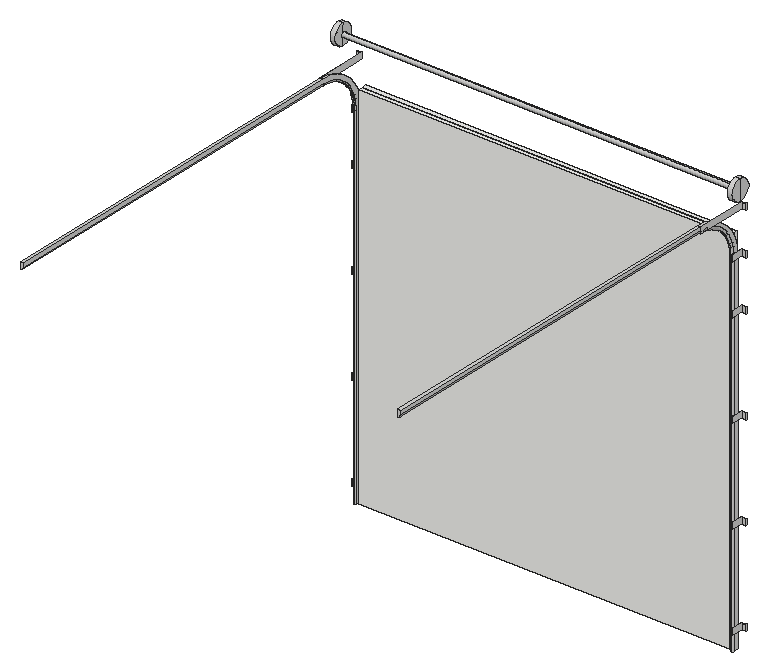
Revit family "Overhead-Sect_HAAS_Res_AmerTrad", category Doors, host Wall, Revit 2026
Family settings
  Host = Wall
  Classification Number = 23.30.10.17.37.14
  Always vertical = Yes
  Cut with Voids When Loaded = No
  Shared = No
  Room Calculation Point = No
Parameters (values of type "as Specified")
  rearspring = no
  Warranty Duration (Years) = 0
  Unit Width [instance] = if(Wood Jamb, Opening Width, Opening Width + 0' 2")  # 10' - 0"
  Wood Jamb [instance] = yes
  URL = "http://www.haasdoor.com/about/index.html"
  U Value = 0
  Type Comments = ""
  Track_High Lift_CHECK WITH HAAS FOR VALUE [instance] = 0' - 7"
  Track [instance] = Steel
  Thickness = 0' - 0"  # constant formula
  Test Data = ""
  Steel Jamb [instance] = not(Wood Jamb)  # no
  Standards Conformance = "as Specified"
  Specification = ""
  SpecWizard = ""
  Send Message = ""
  Sales Information = "http://www.haasdoor.com/locator/index.php"
  Rough Width = 0' - 0"  # constant formula
  Rough Height = 0' - 0"  # constant formula
  Roof Incline Default = 0.00°
  Revision = "R1_2015-11"
  Recycled Content [instance] = "as Specified"
  R-Value = 13.45
  Product Properties = ""
  Product Data = "http://www.arcat.com/arcatcos/cos32/arc32915.html"
  Panel Width [instance] = 10' - 0"
  Panel Thickness = 0' - 3"
  Panel Material_Inset Panel [instance] = Metal - Steel - HAAS - Polar White
  Panel Material_Exterior [instance] = Metal - Steel - HAAS - Polar White
  Panel Height [instance] = if(1 = 1, Opening Height, 0' 0")  # 10' - 0"
  Overhead Sectional Style [instance] = HAAS_Panel_American_Tradition : 920 Single
  Operation = "Overhead Sectional"
  Opening Width [instance] = 10' - 0"
  Opening Height [instance] = 10' - 0"
  Track Type [instance] = Tracks_Standard-Lift : Tracks_Standard-Lift
  Model = "American Tradition Single Door"
  Max Width = 10' - 0"
  Max Height = 12' - 0"
  Manufacturer Website = "http://www.haasdoor.com/about/index.html"
  Manufacturer Phone - Toll Free = ""
  Manufacturer Phone = "419-337-9900"
  Manufacturer Fax = "800-874-4227"
  Manufacturer Address = "320 Sycamore Rd. Wauseon, OH 43567"
  Manufacturer = "Haas Door Co."
  Maintenance Schedule (Months) = 0
  Keynote = "08360"
  Interior Skin = "Woodgrain Steel"
  Installation-Fabrication = ""
  Installation Phase = ""
  Green Building-LEED = ""
  Viewport Glazing [instance] = Glass
  Function = Exterior
  Height = 0' - 0"  # constant formula
  Wall Closure = By host
  Width = 0' - 0"  # constant formula
  Fire Rating = ""
  Exterior Skin = "Woodgrain Steel"
  Expected Lifespan (Years) = 0
  End Stile Type = "Steel"
  Drawn By = "Sumex Design, Inc."
  Description = "Haas American Traditions Series Residential Insulated Overhead Sectional Door - American Tradition Single Door as Specified"
  Cost = 0
  Copyright = "©Arcat Inc."  # constant formula
  Construction Type = ""
  Construction Details = ""
  Building Codes = ""
  Assembly Code = "B2030410"
  AAMA Designation = "as Specified"
  3in Track [instance] = not([2in Track])  # no
  2in Track [instance] = yes
Reference planes (in)
  plane 1 "Center (Front/Back)": y = 0
  plane 2 "Center (Left/Right)": x = 0
  plane 3 "Left": x = -60
  plane 4 "Right": x = 60
  plane 5 "Top": z = 120
  plane 6 "Exterior": y = 3
  plane 7 "Interior": y = -3
  plane 8: z = 2
  plane 9 "Back of Panel": y = -6
  plane 10: y = -4.5
  plane 11 "Track": y = -4.625
Lines and regions (in)
  Opening 1
    outline origin (-90, -3, 0) x (1, 0, 0) y (0, 0, 1)
      loop
        line (30, 0) -> (150, 0) -> (150, 120) -> (30, 120) -> (30, 0)
Text (in)
  text "Exterior" at (-74.96733, 27.31104, 0), in view "Ref. Level"
  text "Interior" at (-74.96733, -25.14366, 0), in view "Ref. Level"
  text "Exterior" at (0, 40.15149, 123.01588), in view "Right"
  text "Interior" at (0, -64.39139, 123.01588), in view "Right"
  text "Interior" at (0, -31.01599, 123.00693), in view "Left"
  text "Exterior" at (0, 54.57065, 123.00693), in view "Left"
Dimensions and locks (in)
  equal spacing: plane 3 "Left", plane 2 "Center (Left/Right)", plane 4 "Right"
  "Opening Height": level to plane 5 "Top"
  "Opening Width": plane 3 "Left" to plane 4 "Right"
  plane 8 to level = 0' - 2"
  plane 3 "Left" to plane 4 "Right" = 10' - 0"
  "Panel Thickness": plane 9 "Back of Panel" to plane 7 "Interior"
  equal spacing: plane 9 "Back of Panel", plane 10, plane 7 "Interior"
  locked: plane 11 "Track" to plane 7 "Interior" at 1.625
  aligned and locked: plane 3 "Left" to Opening 1 sketch curve
  aligned and locked: plane 5 "Top" to Opening 1 sketch curve  (x2)
  aligned and locked: Opening 1 sketch curve to plane 4 "Right"
  aligned and locked: Opening 1 sketch curve to level
  aligned and locked: plane 6 "Exterior" to host wall
  aligned and locked: plane 7 "Interior" to host wall
  aligned and locked: nested 1 to plane 2 "Center (Left/Right)"
  aligned and locked: level to nested 1
  aligned and locked: plane 11 "Track" to nested 1
  aligned and locked: plane 10 to nested 2
Nested families (in)
  nested 1: "Tracks_Standard-Lift" at (0, -5.625, 0), Unit Width <- "Unit Width", Opening Height <- "Opening Height", Track <- "Track", Wood Jamb <- "Wood Jamb", 2in Track <- "2in Track", type <- "Track Type", High Lift Height <- "Track_High Lift_CHECK WITH HAAS FOR VALUE", Door Height <- "Panel Height", Rear Mount Spring <- "rearspring", Roof Incline <- "Roof Incline Default", type "Tracks_Standard-Lift"
    with trackradinsetv 0' - 0", trackradinseth 0' - 0", sideroomint 0' - 1 5/8", roofpitchheight 0' - 0", offsettrackradv 1' - 2.73821", offsettrackradh 1' - 2.99772", offset 0' - 0", highliftcalc 0' - 8", breakoutrun 1, breakoutrise 12, breakawaylength 0' - 0", breakaway angle 1.00°, Wood Jamb yes, Unit Width 10' - 0", Unit Depth 0' - 2", Track Radius 1' - 3", Track Offset from Door Edge 0' - 0 1/2", Track Steel, Steel Jamb no, Standard Spring Location yes, Sideroom_Spring 0' - 3", Sideroom_Jambs 0' - 3", Roof Incline 0.00°, Rear Mount Spring no, Opening Width 10' - 0", Opening Height 10' - 0", High Lift Height 0' - 7", Headroom Clearance 1' - 7", Door Height 10' - 0", Breakaway Start 0' - 8", Back Depth 11' - 6", 3in Track no, 2in Track yes, 1 in 12 Breakout yes, 1 5 in 12 Breakout no
  nested 2: "HAAS_Panel_American_Tradition" at (0, -4.5, 0) x (-1, 0, 0) z (0, 0, 1), Panel Width <- "Panel Width", Panel Thickness <- "Panel Thickness", Panel Height <- "Panel Height", type <- "Overhead Sectional Style", Panel Material (Overlay) <- "Panel Material_Exterior", Panel Material <- "Panel Material_Exterior", Glazing <- "Viewport Glazing", type "920 Single"
    with Unit Width 5' - 0", Unit Height 2' - 0", Section Height 2' - 0", Panel Width 10' - 0", Panel Thickness 0' - 3", Panel Material (Overlay) Metal - Steel - HAAS - Polar White, Panel Material (Interior) none, Panel Material Metal - Steel - HAAS - Polar White, Panel Height 10' - 0", Glazing Glass, Top Row Solid yes, Top Row Lites no, Arched Top no
Definition of nested family "Tracks_Standard-Lift"
  Parameters
    trackradinsetv [instance] = Track Radius - (Track Radius * cos(Roof Incline))  # 0' - 0"
    trackradinseth [instance] = Track Radius * sin(Roof Incline)  # 0' - 0"
    sideroomint [instance] = if(Steel Jamb, 0' 3", 0' 1 5/8")  # 0' - 1 5/8"
    roofpitchheight [instance] = (Back Depth) * tan(Roof Incline)  # 0' - 0"
    offsettrackradv [instance] = Track Radius - (Track Radius * sin(breakaway angle))  # 1' - 2.73821"
    offsettrackradh [instance] = Track Radius * cos(breakaway angle)  # 1' - 2.99772"
    offset [instance] = 0' - 0"  # constant formula
    breakoutrun [instance] = if([1 in 12 Breakout], 1, 1.5)  # 1
    breakoutrise [instance] = 12  # constant formula
    breakawaylength [instance] = (Breakaway Start + High Lift Height - Track Radius) / tan(90.00° - breakaway angle)  # 0' - 0.26183"
    breakaway angle [instance] = 1.00°  # constant formula
    Wood Jamb [instance] = yes
    Unit Width [instance] = 8' - 0"
    Unit Depth [instance] = if([2in Track], 0' 2", if([3in Track], 0' 3", 0' 2"))  # 0' - 3"
    URL = ""
    Track Radius [instance] = 1' - 3"
    Track [instance] = none
    Steel Jamb [instance] = not(Wood Jamb)  # no
    Standard Spring Location [instance] = yes
    Specification = ""
    SpecWizard = ""
    Track Offset from Door Edge [instance] = 0' - 0 1/2"
    Sideroom_Spring [instance] = 0' - 3"  # constant formula
    Sideroom_Jambs [instance] = 0' - 3"  # constant formula
    Sales Information = ""
    Roof Incline [instance] = 0.00°
    Revision = ""
    Rear Mount Spring [instance] = yes
    Product Properties = ""
    Product Data = ""
    Opening Width [instance] = if(Wood Jamb, Unit Width, Unit Width - 0' 1")  # 8' - 0"
    Opening Height [instance] = 8' - 0"
    Model = "As Specified"
    Manufacturer = ""
    Keynote = ""
    Installation-Fabrication = ""
    highliftcalc [instance] = if(Headroom Clearance < 5' 4 3/256", Headroom Clearance - 0' 11", if(and(Headroom Clearance > 5' 4", Headroom Clearance < 11' 1 3/256"), Headroom Clearance - 1' 1", if(and(Headroom Clearance > 11' 1", Headroom Clearance < 15' 0 3/256"), Headroom Clearance - 1' 5", 1' 0")))  # 1' - 11"
    High Lift Height [instance] = 1' - 10"
    Headroom Clearance [instance] = High Lift Height + 1' 0"  # 2' - 10"
    Green Building-LEED = ""
    Drawn By = "Sumex Design, Inc. / Robert S. Weygant, CSI, CDT, SCIP"
    Door Height [instance] = 8' - 0"
    Description = ""
    Default Elevation = 0' - 0"  # constant formula
    Copyright = "©Arcat Inc."
    Construction Details = ""
    Breakaway Start [instance] = if([1 in 12 Breakout], 0' 8", if([1 5 in 12 Breakout], 1' 2", 1' 0"))  # 0' - 8"
    Back Depth [instance] = Door Height + 1' 6"  # 9' - 6"
    Assembly Code = ""
    3in Track [instance] = not([2in Track])  # yes
    2in Track [instance] = no
    1 in 12 Breakout [instance] = yes
    1 5 in 12 Breakout [instance] = not([1 in 12 Breakout])  # no
  Reference planes (in)
    plane 1 "Center (Front/Back)": y = 0
    plane 2 "Bottom": z = 0
    plane 3 "Center (Left/Right)": x = 0
    plane 4 "Front": y = -1.5
    plane 5 "Back": y = 1.5
    plane 6 "Left": x = -48
    plane 7 "Right": x = 48
    plane 8 "Top": z = 121
    plane 9: z = 96
    plane 10: x = -48
    plane 11: x = 48
    plane 12: z = 130
    plane 13: y = -110.875
    plane 14: y = -13.49772
    plane 15: z = 106.26179
    plane 16 "Origin": y = 3.125
    plane 17: z = 74
    plane 18: z = 51.33333
    plane 19: z = 28.66667
    plane 20: z = 6
    plane 21: z = 97.13089
    plane 22: x = 51
    plane 23: x = -51
    plane 24 "Drum CL": y = -1.875
    plane 25: z = 106
    plane 26: z = 118
    plane 27: y = -13.49772
    plane 28: z = 121
    plane 29: x = -49.625
    plane 30: x = 49.625
  Forms (in)
    Extrusion 1, solid, material <- "Track", visible <- "Wood Jamb"
      sketch origin (0, 0, 0) x (1, 0, 0) y (0, 1, 0)
        loop
          line (-49.5, -13.49772) -> (-49.5, 3.125) -> (-51, 3.125) -> (-51, 3) -> (-49.625, 3) -> (-49.625, -13.49772) -> (-49.5, -13.49772)
        loop
          line (49.5, -13.49772) -> (49.625, -13.49772) -> (49.625, 3) -> (51, 3) -> (51, 3.125) -> (49.5, 3.125) -> (49.5, -13.49772)
      from 0 to 121
    Extrusion 2, void
      sketch origin (0, 0, 0) x (0, 1, 0) y (0, 0, 1)
        loop
          line (-1.5, 5) -> (-1.5, 7) -> (3.125, 7) -> (3.125, 27.66667) -> (-1.5, 27.66667) -> (-1.5, 29.66667) -> (3.125, 29.66667) -> (3.125, 50.33333) -> (-1.5, 50.33333) -> (-1.5, 52.33333) -> (3.125, 52.33333) -> (3.125, 73) -> (-1.5, 73) -> (-1.5, 75) -> (3.125, 75) -> (3.125, 105.26179) -> (-1.5, 105.26179) -> (-1.5, 107.26179) -> (3.125, 107.26179) -> (3.125, 119) -> (-13.49772, 119) -> (-13.49772, 0) -> (3.125, 0) -> (3.125, 5) -> (-1.5, 5)
      from -51 to 51
    Extrusion 3, solid, material <- "Track", visible <- "Steel Jamb"
      sketch origin (0, 0, 0) x (1, 0, 0) y (0, 1, 0)
        loop
          line (-51, 3.125) -> (-51, -13.49772) -> (-50.875, -13.49772) -> (-50.875, 3) -> (-48.375, 3) -> (-48.375, 3.125) -> (-51, 3.125)
        loop
          line (51, 3.125) -> (48.375, 3.125) -> (48.375, 3) -> (50.875, 3) -> (50.875, -13.49772) -> (51, -13.49772) -> (51, 3.125)
      from 0 to 121
    Revolve 4, solid, material <- "Track"
      sketch origin (0, -1.875, 0) x (0, 0, -1) y (1, 0, 0)
        loop
          line (-130, -53) -> (-126.75, -53) -> (-126.75, 53) -> (-130, 53) -> (-130, 51.5) -> (-127.5, 51.5) -> (-127.5, -51.5) -> (-130, -51.5) -> (-130, -53)
        axis (-126.75, 53) -> (-126.75, -53)
      angle from 0 to 360
    Sweep 5, solid, material <- "Track"
      path origin (0, 0, 0) x (0, 1, 0) y (0, 0, 1)
        loop
          line (1.5, 0) -> (1.5, 106.26179)
          arc (1.5, 106.26179) -> (-2.98408, 116.69876) -> (-13.49772, 121) r 15
          line (-13.49772, 121) -> (-110.875, 121)
      profile origin (0, -62.18636, 121) x (0, 0, -1) y (1, 0, 0)
        loop
          line (2.62111, -48.5) -> (0, -48.5) -> (0, -49.5) -> (2.25, -49.5)
          arc (2.25, -49.5) -> (2.68414, -49.38263) -> (3, -49.0625) r 0.86161
          line (3, -49.0625) -> (3, -48.71875) -> (2.62111, -48.5)
    Sweep 6, solid, material <- "Track"
      path origin (0, 0, 0) x (0, 1, 0) y (0, 0, 1)
        loop
          line (1.5, 0) -> (1.5, 106.26179)
          arc (1.5, 106.26179) -> (-2.98408, 116.69876) -> (-13.49772, 121) r 15
          line (-13.49772, 121) -> (-110.875, 121)
      profile origin (0, -62.18636, 121) x (0, 0, -1) y (1, 0, 0)
        loop
          line (0, 49.5) -> (0, 48.5) -> (2.62111, 48.5) -> (3, 48.71875) -> (3, 49.0625)
          arc (3, 49.0625) -> (2.68414, 49.38263) -> (2.25, 49.5) r 0.86161
          line (2.25, 49.5) -> (0, 49.5)
  Cuts and joins
    Extrusion 2 cuts Extrusion 1
    Extrusion 2 cuts Extrusion 3
  Lines and regions (in)
    reference lines
      curve 1: arc (0, 0.25, 112.00003) -> (0, -5.28189, 118.54991) -> (0, -13.49772, 121) r 15
      curve 2: line (0, -13.49772, 121) -> (0, -110.875, 121)
  Text (in)
    text "OPENING" at (0, 24.81124, 52.10269), in view "Right"
    text "STANDARD LIFT" at (0, 24.81124, 118.55424), in view "Right"
  Dimensions and locks (in)
    equal spacing: plane 6 "Left", plane 3 "Center (Left/Right)", plane 7 "Right"
    "Unit Width": plane 6 "Left" to plane 7 "Right"
    equal spacing: plane 5 "Back", plane 1 "Center (Front/Back)", plane 4 "Front"
    "Unit Depth": plane 5 "Back" to plane 4 "Front"
    equal spacing: plane 10, plane 3 "Center (Left/Right)", plane 11
    "Opening Width": plane 10 to plane 11
    "Headroom Clearance": plane 12 to plane 9
    "Back Depth": plane 13 to plane 16 "Origin"
    "offsettrackradv": plane 8 "Top" to plane 15
    locked: plane 16 "Origin" to plane 5 "Back" at 1.625
    "Sideroom_Jambs": Extrusion 1 sketch curve to plane 10
    "Sideroom_Jambs": plane 11 to Extrusion 1 sketch curve
    locked: plane 20 to level at 6
    equal spacing: plane 17, plane 18, plane 19, plane 20
    Extrusion 2 sketch curve to plane 20 to Extrusion 2 sketch curve = 0' - 1" locked, 0' - 1" locked
    Extrusion 2 sketch curve to plane 19 to Extrusion 2 sketch curve = 0' - 1" locked, 0' - 1" locked
    Extrusion 2 sketch curve to plane 18 to Extrusion 2 sketch curve = 0' - 1" locked, 0' - 1" locked
    Extrusion 2 sketch curve to plane 17 to Extrusion 2 sketch curve = 0' - 1" locked, 0' - 1" locked
    Extrusion 2 sketch curve to plane 15 to Extrusion 2 sketch curve = 0' - 1" locked, 0' - 1" locked
    "Sideroom_Spring": plane 23 to plane 10
    "Sideroom_Spring": plane 11 to plane 22
    locked: Extrusion 3 sketch curve to plane 10 at 0.375
    locked: plane 11 to Extrusion 3 sketch curve at 0.375
    locked: plane 24 "Drum CL" to plane 16 "Origin" at 5
    locked: Revolve 4 sketch curve to plane 10 at 5
    locked: plane 11 to Revolve 4 sketch curve at 5
    locked: Revolve 4 sketch curve to Revolve 4 sketch curve at 1.5  (x2)
    locked: Revolve 4 sketch curve to Revolve 4 sketch curve at 0.75
    locked: Revolve 4 sketch curve to Revolve 4 sketch curve at 3.25  (x2)
    locked: Extrusion 1 sketch curve to Extrusion 1 sketch curve at 0.125
    "Opening Height": plane 9 to level
    "Track Radius": plane 8 "Top" to plane 25
    "High Lift Height": plane 26 to plane 9
    "Unit Depth": plane 8 "Top" to plane 26
    "offsettrackradh": plane 14 to plane 5 "Back"
    "trackradinseth": plane 14 to plane 27
    "trackradinsetv": plane 8 "Top" to plane 28
    "Unit Depth": Sweep 5 sketch curve to Sweep 5 sketch curve
    locked: plane 8 "Top" to Extrusion 2 sketch curve at 2
    "Unit Depth": Sweep 6 sketch curve to Sweep 6 sketch curve
    Extrusion 1 sketch curve to Extrusion 1 sketch curve to plane 10 = 0' - 0 1/8" locked, 0' - 1 1/2" locked
    equal spacing: Sweep 5 sketch curve, Sweep 5 sketch curve, Sweep 5 sketch curve, Sweep 5 sketch curve, plane 10
    equal spacing: plane 11, Sweep 6 sketch curve, Sweep 6 sketch curve, Sweep 6 sketch curve, Sweep 6 sketch curve
    "sideroomint": plane 29 to plane 10
    plane 29 to Sweep 5 sketch curve to Sweep 5 sketch curve to Sweep 5 sketch curve to Sweep 5 sketch curve = 0' - 0 1/8" locked, 0' - 0 7/16" locked, 0' - 0 11/32" locked, 0' - 0 7/32" locked
    "Sideroom_Jambs": Extrusion 3 sketch curve to plane 10
    locked: Extrusion 3 sketch curve to Extrusion 3 sketch curve at 0.125  (x2)
    "Sideroom_Jambs": plane 11 to Extrusion 3 sketch curve
    locked: plane 11 to Extrusion 1 sketch curve at 1.5
    "sideroomint": plane 11 to plane 30
    Sweep 6 sketch curve to Sweep 6 sketch curve to Sweep 6 sketch curve to Sweep 6 sketch curve to plane 30 = 0' - 0 7/32" locked, 0' - 0 11/32" locked, 0' - 0 7/16" locked, 0' - 0 1/8" locked
    locked: Revolve 4 sketch curve to plane 26 at 8.75
    locked: plane 9 to plane 17 at 22
    "Track Radius": radius of curve 1
    "Track Radius": radius of Sweep 6 sketch curve
    "Roof Incline": angle curve 2 to plane 28
    "Roof Incline": angle Sweep 5 sketch curve to plane 28
    "Roof Incline": angle Sweep 6 sketch curve to plane 28
    aligned and locked: plane 14 to Extrusion 1 sketch curve
    aligned and locked: Extrusion 1 sketch curve to plane 14
    aligned and locked: Extrusion 2 sketch curve to plane 14
    aligned and locked: Extrusion 2 sketch curve to plane 16 "Origin"
    aligned and locked: plane 4 "Front" to Extrusion 2 sketch curve  (x4)
    aligned and locked: Extrusion 2 sketch curve to plane 4 "Front"
    aligned and locked: plane 23 to Extrusion 2
    aligned and locked: Extrusion 2 to plane 22
    aligned and locked: Extrusion 3 sketch curve to plane 14
    aligned and locked: plane 14 to Extrusion 3 sketch curve
    aligned and locked: Revolve 4 sketch curve to Revolve 4 sketch curve
    aligned and locked: plane 27 to curve 1
    aligned and locked: plane 25 to curve 1
    aligned and locked: plane 14 to curve 1
    aligned and locked: plane 13 to curve 2
    aligned and locked: Sweep 5 sketch curve to curve 1
    aligned and locked: plane 13 to Sweep 5 sketch curve
    aligned and locked: plane 27 to Sweep 5 sketch curve
    aligned and locked: plane 8 "Top" to Extrusion 3
    aligned and locked: plane 8 "Top" to Extrusion 1
    aligned and locked: plane 13 to Sweep 6 sketch curve
    aligned and locked: plane 15 to Sweep 5 sketch curve
    aligned and locked: plane 27 to Sweep 6 sketch curve
    aligned and locked: plane 28 to Sweep 6 sketch curve
    aligned and locked: plane 15 to Sweep 6 sketch curve
    aligned and locked: plane 5 "Back" to Sweep 6 sketch curve
  Automatic sketch dimensions
    Extrusion 1 sketch curve to plane 16 "Origin" = 0' - 0"  (x2)
    Extrusion 1 sketch curve to plane 16 "Origin" = 0' - 0 1/8"  (x2)
    Extrusion 3 sketch curve to plane 16 "Origin" = 0' - 0"  (x2)
    Extrusion 3 sketch curve to plane 16 "Origin" = 0' - 0 1/8"  (x2)
    Revolve 4 sketch curve to Revolve 4 sketch curve = 0' - 0"
    Revolve 4 sketch curve to Revolve 4 sketch curve = 0' - 3"
    Sweep 5 sketch curve to level = 0' - 0"
    Sweep 5 sketch curve to profile plane = 0' - 0"
    Sweep 5 sketch curve to Sweep 5 sketch curve = 0' - 0.37111"
    Sweep 5 sketch curve to Sweep 5 sketch curve = 0' - 0.13839"
    Sweep 6 sketch curve to profile plane = 0' - 0"
    Sweep 6 sketch curve to Sweep 6 sketch curve = 0' - 0.37111"
    Sweep 6 sketch curve to Sweep 6 sketch curve = 0' - 0.13839"
    curve 1 to plane 1 "Center (Front/Back)" = 0' - 0 1/4"
    Sweep 6 sketch curve to level = 0' - 0"
    Extrusion 2 sketch curve to plane 16 "Origin" = 0' - 0"  (x5)
    Extrusion 2 sketch curve to level = 0' - 0"
Definition of nested family "HAAS_Panel_American_Tradition"
  Parameters
    Width = 10' - 0"
    Unit Width [instance] = if(1 = 1, Panel Width / 2, 0' 0")  # 5' - 0"
    Unit Height [instance] = 2' - 0"
    Top Row Solid = no
    Top Row Lites = yes
    Thickness = 0' - 3"
    Single = yes
    Section Height [instance] = 2' - 0"
    Panel Width [instance] = 10' - 0"
    Panel Thickness [instance] = 0' - 3"
    Section Style = HAAS_Section_American_Tradition : 920
    Panel Material (Overlay) [instance] = none
    Panel Material (Interior) [instance] = none
    Panel Material [instance] = none
    Panel Height [instance] = 8' - 0"
    Height = 8' - 0"
    Glazing [instance] = none
    Double = no
    Default Elevation = 4' - 0"
    Arched Top = yes
  Reference planes (in)
    plane 1 "Center (Front/Back)": y = 0
    plane 2: z = 0
    plane 3 "Center (Left/Right)": x = 0
    plane 4 "Left": x = -60
    plane 5 "Right": x = 60
    plane 6 "Center (Elevation)": z = 48
    plane 7 "Top": z = 96
    plane 8 "Back": y = 1.5
    plane 9 "Front": y = -1.5
  Dimensions and locks (in)
    equal spacing: plane 4 "Left", plane 3 "Center (Left/Right)", plane 5 "Right"
    "Panel Width": plane 4 "Left" to plane 5 "Right"
    equal spacing: plane 7 "Top", plane 6 "Center (Elevation)", level
    "Panel Height": plane 7 "Top" to level
    equal spacing: plane 8 "Back", plane 1 "Center (Front/Back)", plane 9 "Front"
    "Panel Thickness": plane 8 "Back" to plane 9 "Front"
    aligned and locked: plane 2 to level
    aligned and locked: plane 3 "Center (Left/Right)" to nested 1
  Nested families (in)
    nested 1: "HAAS_Section_American_Tradition" at (0, 0, 0), type <- "Section Style", visible <- "Single", Unit Width <- "Panel Width", Unit Height <- "Panel Height", Arched Top <- "Arched Top", Vision Lites <- "Top Row Lites", Not Vision <- "Top Row Solid", type "920"
      with Vision Lites yes, Vision Lite Width 4' - 3", Vision Lite Height 1' - 6", Unit Width 10' - 0", Unit Height 8' - 0", Not Vision no, Arched Top yes, 942 no, 941 no
  Definition of nested family "HAAS_Section_American_Tradition"
    Parameters
      Vision Lites [instance] = yes
      Vision Lite Width [instance] = (Unit Width / 2) - 0' 9"  # 4' - 3"
      Vision Lite Height [instance] = Top Panel Height - 0' 6"  # 1' - 6"
      Unit Width [instance] = 10' - 0"
      Unit Height [instance] = 8' - 0"
      Top Panel Height = 2' - 0"
      Panel Thickness = 0' - 3"
      Panel Material = none
      Overlay Material = none
      Not Vision [instance] = yes
      Glazing = none
      Default Elevation = 4' - 0"
      Arched Top [instance] = yes
      942 = yes
      941 = yes
      940 = no
      922 = no
      921 = no
    Reference planes (in)
      plane 1 "Center (Front/Back)": y = 0
      plane 2: z = 0
      plane 3 "Center (Left/Right)": x = 0
      plane 4 "Left": x = -60
      plane 5 "Right": x = 60
      plane 6: z = 37
      plane 7 "Top": z = 96
      plane 8 "Back": y = 1.5
      plane 9 "Front": y = -1.5
      plane 10: z = 72
      plane 11: z = 6
      plane 12: z = 90
      plane 13: x = 54
      plane 14: x = -54
      plane 15: z = 68
      plane 16: x = -28.5
      plane 17: x = 28.5
      plane 18: x = -37
      plane 19: x = -20
      plane 20: x = 20
      plane 21: x = 37
      plane 22: x = -3
      plane 23: x = 3
    Forms (in)
      Extrusion 1, solid, material <- "Panel Material", visible <- "Vision Lites"
        sketch origin (0, 0, 0) x (1, 0, 0) y (0, 0, 1)
          loop
            line (-60, 96) -> (-60, 0) -> (60, 0) -> (60, 96) -> (-60, 96)
          loop
            line (-54, 90) -> (-54, 72) -> (-3, 72) -> (-3, 90) -> (-54, 90)
          loop
            line (3, 90) -> (3, 72) -> (54, 72) -> (54, 90) -> (3, 90)
        from -1.5 to 0
      Extrusion 2, solid, material <- "Overlay Material"
        sketch origin (0, 0, 0) x (1, 0, 0) y (0, 0, 1)
          loop
            line (-54, 68) -> (-54, 6) -> (-3, 6) -> (-3, 68) -> (-54, 68)
          loop
            line (54, 6) -> (54, 68) -> (3, 68) -> (3, 6) -> (54, 6)
          loop
            line (-60, 96) -> (-60, 0) -> (60, 0) -> (60, 96) -> (-60, 96)
          loop
            line (-54, 90) -> (-54, 72) -> (-3, 72) -> (-3, 90) -> (-54, 90)
          loop
            line (54, 72) -> (54, 90) -> (3, 90) -> (3, 72) -> (54, 72)
        from 0 to 1.5
      Extrusion 3, solid, material <- "Overlay Material", visible <- "941"
        sketch origin (0, 0, 0) x (1, 0, 0) y (0, 0, 1)
          loop
            line (-53, 68) -> (-8, 6) -> (-4, 6) -> (-49, 68) -> (-53, 68)
          loop
            line (53, 68) -> (49, 68) -> (4, 6) -> (8, 6) -> (53, 68)
        from 0 to 1.34375
      Extrusion 4, solid, material <- "Overlay Material", visible <- "922"
        sketch origin (0, 0, 0) x (1, 0, 0) y (0, 0, 1)
          loop
            line (-39, 68) -> (-39, 6) -> (-35, 6) -> (-35, 68) -> (-39, 68)
          loop
            line (-22, 68) -> (-22, 6) -> (-18, 6) -> (-18, 68) -> (-22, 68)
          loop
            line (18, 68) -> (18, 6) -> (22, 6) -> (22, 68) -> (18, 68)
          loop
            line (35, 68) -> (35, 6) -> (39, 6) -> (39, 68) -> (35, 68)
        from 0 to 1.5
      Extrusion 5, solid, material <- "Overlay Material", visible <- "921"
        sketch origin (0, 0, 0) x (1, 0, 0) y (0, 0, 1)
          loop
            line (-30.5, 68) -> (-30.5, 6) -> (-26.5, 6) -> (-26.5, 68) -> (-30.5, 68)
          loop
            line (26.5, 68) -> (26.5, 6) -> (30.5, 6) -> (30.5, 68) -> (26.5, 68)
        from 0 to 1.5
      Extrusion 6, solid, material <- "Overlay Material", visible <- "942"
        sketch origin (0, 0, 0) x (1, 0, 0) y (0, 0, 1)
          loop
            line (-4, 68) -> (-8, 68) -> (-53, 6) -> (-49, 6) -> (-4, 68)
          loop
            line (4, 68) -> (49, 6) -> (53, 6) -> (8, 68) -> (4, 68)
        from 0 to 1.375
      Extrusion 7, solid, material <- "Glazing", visible <- "Vision Lites"
        sketch origin (0, 0, 0) x (1, 0, 0) y (0, 0, 1)
          loop
            line (-54, 90) -> (-54, 72) -> (-3, 72) -> (-3, 90) -> (-54, 90)
          loop
            line (3, 90) -> (3, 72) -> (54, 72) -> (54, 90) -> (3, 90)
        from -0.5 to 0.5
      Extrusion 8, solid, material <- "Overlay Material", visible <- "Arched Top"
        sketch origin (0, 0, 0) x (1, 0, 0) y (0, 0, 1)
          loop
            line (-54, 94) -> (-54, 83)
            arc (-54, 83) -> (-27.22591, 88.24271) -> (0, 90) r 211.78571
            arc (0, 90) -> (27.22591, 88.24271) -> (54, 83) r 211.78571
            line (54, 83) -> (54, 94) -> (-54, 94)
        from -0.625 to 0.625
      Extrusion 9, solid, material <- "Panel Material", visible <- "Not Vision"
        sketch origin (0, 0, 0) x (1, 0, 0) y (0, 0, 1)
          loop
            line (-60, 96) -> (-60, 0) -> (60, 0) -> (60, 96) -> (-60, 96)
        from -1.5 to 0
    Dimensions and locks (in)
      equal spacing: plane 15, plane 6, plane 11
      "Unit Height": plane 7 "Top" to level
      equal spacing: plane 8 "Back", plane 1 "Center (Front/Back)", plane 9 "Front"
      "Panel Thickness": plane 8 "Back" to plane 9 "Front"
      "Top Panel Height": plane 7 "Top" to plane 10
      locked: plane 14 to plane 4 "Left" at 6
      locked: plane 5 "Right" to plane 13 at 6
      locked: plane 11 to plane 2 at 6
      locked: plane 7 "Top" to plane 12 at 6
      locked: plane 10 to plane 15 at 4
      equal spacing: plane 22, plane 16, plane 14
      equal spacing: plane 13, plane 17, plane 23
      equal spacing: plane 22, plane 19, plane 18, plane 14
      equal spacing: plane 13, plane 21, plane 20, plane 23
      "Unit Width": plane 5 "Right" to plane 4 "Left"
      equal spacing: plane 5 "Right", plane 3 "Center (Left/Right)", plane 4 "Left"
      Extrusion 4 sketch curve to plane 18 to Extrusion 4 sketch curve = 0' - 2", 0' - 2"
      Extrusion 4 sketch curve to plane 19 to Extrusion 4 sketch curve = 0' - 2", 0' - 2"
      Extrusion 4 sketch curve to plane 20 to Extrusion 4 sketch curve = 0' - 2", 0' - 2"
      Extrusion 4 sketch curve to plane 21 to Extrusion 4 sketch curve = 0' - 2", 0' - 2"
      Extrusion 5 sketch curve to plane 16 to Extrusion 5 sketch curve = 0' - 2", 0' - 2"
      Extrusion 5 sketch curve to plane 17 to Extrusion 5 sketch curve = 0' - 2", 0' - 2"
      plane 23 to plane 3 "Center (Left/Right)" to plane 22 = 0' - 3" locked, 0' - 3" locked
      Extrusion 3 sketch curve to Extrusion 3 sketch curve to plane 14 = 0' - 4" locked, 0' - 1" locked
      plane 22 to Extrusion 3 sketch curve to Extrusion 3 sketch curve = 0' - 1" locked, 0' - 4" locked
      locked: Extrusion 3 sketch curve to Extrusion 3 sketch curve at 4  (x2)
      locked: Extrusion 3 sketch curve to plane 23 at 1
      locked: plane 13 to Extrusion 3 sketch curve at 1
      plane 22 to Extrusion 6 sketch curve to Extrusion 6 sketch curve = 0' - 1" locked, 0' - 4" locked
      Extrusion 6 sketch curve to Extrusion 6 sketch curve to plane 23 = 0' - 4" locked, 0' - 1" locked
      Extrusion 6 sketch curve to Extrusion 6 sketch curve to plane 14 = 0' - 4" locked, 0' - 1" locked
      plane 13 to Extrusion 6 sketch curve to Extrusion 6 sketch curve = 0' - 1" locked, 0' - 4" locked
      locked: plane 7 "Top" to Extrusion 8 sketch curve at 2
      locked: plane 12 to Extrusion 8 sketch curve at 7  (x2)
      aligned and locked: level to plane 2
      aligned and locked: plane 7 "Top" to Extrusion 1
      aligned and locked: plane 5 "Right" to Extrusion 1
      aligned and locked: Extrusion 1 to plane 2
      aligned and locked: Extrusion 1 to plane 4 "Left"
      aligned and locked: plane 8 "Back" to Extrusion 1
      aligned and locked: plane 1 "Center (Front/Back)" to Extrusion 1
      aligned and locked: plane 2 to Extrusion 2 sketch curve
      aligned and locked: Extrusion 2 sketch curve to plane 5 "Right"
      aligned and locked: Extrusion 2 sketch curve to plane 13  (x2)
      aligned and locked: plane 11 to Extrusion 2 sketch curve
      aligned and locked: plane 14 to Extrusion 2 sketch curve  (x2)
      aligned and locked: plane 4 "Left" to Extrusion 2 sketch curve
      aligned and locked: Extrusion 2 sketch curve to plane 15
      aligned and locked: plane 10 to Extrusion 2 sketch curve
      aligned and locked: Extrusion 2 sketch curve to plane 12
      aligned and locked: Extrusion 2 sketch curve to plane 7 "Top"
      aligned and locked: Extrusion 2 to plane 9 "Front"
      aligned and locked: Extrusion 4 sketch curve to plane 15  (x4)
      aligned and locked: plane 11 to Extrusion 4 sketch curve  (x4)
      aligned and locked: Extrusion 4 to plane 9 "Front"
      aligned and locked: Extrusion 5 sketch curve to plane 15  (x2)
      aligned and locked: plane 11 to Extrusion 5 sketch curve  (x2)
      aligned and locked: Extrusion 5 to plane 9 "Front"
      aligned and locked: plane 23 to Extrusion 2  (x2)
      aligned and locked: Extrusion 2 to plane 22  (x2)
      aligned and locked: Extrusion 1 sketch curve to Extrusion 2  (x8)
      aligned and locked: Extrusion 7 sketch curve to Extrusion 1  (x8)
      aligned and locked: Extrusion 8 sketch curve to plane 14
      aligned and locked: Extrusion 8 sketch curve to plane 13
      aligned and locked: plane 4 "Left" to Extrusion 9 sketch curve
      aligned and locked: Extrusion 9 sketch curve to plane 7 "Top"
      aligned and locked: Extrusion 9 sketch curve to plane 5 "Right"
      aligned and locked: level to Extrusion 9 sketch curve
      aligned and locked: plane 12 to Extrusion 8 sketch curve
    Automatic sketch dimensions
      Extrusion 1 sketch curve to level = 0' - 0"
      Extrusion 1 sketch curve to plane 4 "Left" = 0' - 0"
      Extrusion 1 sketch curve to plane 5 "Right" = 0' - 0"
      Extrusion 1 sketch curve to plane 7 "Top" = 0' - 0"
      Extrusion 2 sketch curve to plane 22 = 0' - 0"  (x2)
      Extrusion 2 sketch curve to plane 10 = 0' - 0"
      Extrusion 2 sketch curve to plane 23 = 0' - 0"  (x2)
      Extrusion 2 sketch curve to plane 15 = 0' - 0"
      Extrusion 2 sketch curve to plane 11 = 0' - 0"
      Extrusion 2 sketch curve to plane 12 = 0' - 0"
      Extrusion 3 sketch curve to plane 11 = 0' - 0"  (x2)
      Extrusion 3 sketch curve to plane 15 = 0' - 0"  (x2)
      Extrusion 6 sketch curve to plane 11 = 0' - 0"  (x2)
      Extrusion 6 sketch curve to plane 15 = 0' - 0"  (x2)
      Extrusion 8 sketch curve to Extrusion 8 sketch curve = 0' - 0"
